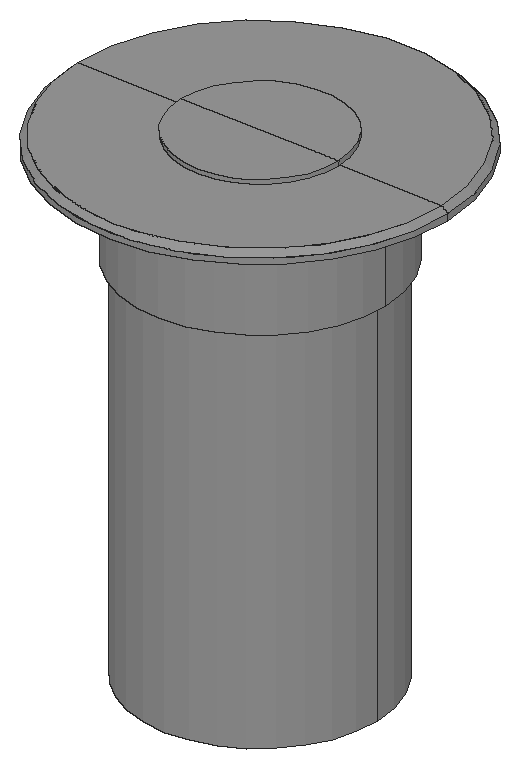
Revit family "Interrata", category Lighting Fixtures, host Face, Revit 2017
Family settings
  Host = Face
  Round Connector Dimension = Use Diameter
  Part Type = Normal
  OmniClass Number = 23.80.70.00
  OmniClass Title = Lighting
  Cut with Voids When Loaded = No
  Light Source = No
  Shared = No
  Room Calculation Point = No
Parameters (values of type "0049036")
  XS_SYL = yes
  Weight = ""
  Wattage Comments = ""
  WarrantyStartDate [instance] = "n/a"
  WarrantyGuarantorParts = "n/a"
  WarrantyDurationUnit = "n/a"
  WarrantyDurationParts = "n/a"
  WarrantyDescription = "n/a"
  Voltage = 0 V
  URL = "http://www.sylvania-lighting.com"
  TypeName = ""
  TypeLamp_SYL = Interrata Lamp : 0049036 INTERRATA XS  FROSTED 100LM 830 
  Type Image = <None>
  Type Comments = "n/a"
  Thickness_SYL = 2.5 mm  # constant formula
  Step2_SYL = if(XS_SYL, 99.8 mm, if(S_SYL, 121 mm, if(L_SYL, 236 mm, 206 mm)))  # 99.8 mm
  Step1_SYL = if(XS_SYL, 26.2 mm, if(S_SYL, 15 mm, if(L_SYL, 19.5 mm, 17.5 mm)))  # 26.2 mm
  SerialNumber [instance] = "n/a"
  S_SYL = no
  RotationAngle_SYL [instance] = 0.00°
  RingHeight_SYL = if(XS_SYL, 3 mm, if(S_SYL, 3 mm, if(L_SYL, 4 mm, 2.8 mm)))  # 3 mm
  RevolutionAxisFromRefLevel_SYL = if(XS_SYL, 27 mm, if(S_SYL, 45 mm, if(L_SYL, 74 mm, 59.5 mm)))  # 27 mm
  Radius_SYL = if(XS_SYL, 50 mm, if(S_SYL, 60 mm, if(L_SYL, 130 mm, 100 mm)))  # 50 mm
  Radius3_SYL = if(XS_SYL, 31.5 mm, if(S_SYL, 41.7 mm, if(L_SYL, 112 mm, 96 mm)))  # 31.5 mm
  Radius2_SYL = if(XS_SYL, 33.5 mm, if(S_SYL, 53 mm, if(L_SYL, 124 mm, 98 mm)))  # 33.5 mm
  Material_3_SYL = none
  PowerFactor = 0
  PowerConsumption = ""
  NominalLength = 0 mm
  NominalHeight = 0 mm
  NominalDepth = 0 mm
  Name = ""
  ModelReference = Name  # ""
  ModelNumber = ""
  Model = Name  # ""
  Material = ""
  ManufacturerName = "Feilo Sylvania"
  Manufacturer = "Feilo Sylvania"
  L_SYL = no
  LuminousEfficacy = ""
  LuminaireType = ""
  LightOutputRatio = ""
  LampsType = Lamp  # ""
  EndAngle_SYL [instance] = RotationAngle_SYL + 180.00°  # 180.00°
  BodyThickness_SYL = 3 mm  # constant formula
  BodyHeight3_SYL = if(XS_SYL, 80 mm, if(S_SYL, 45 mm, if(L_SYL, 21 mm, 29.4 mm)))  # 80 mm
  BodyRad_SYL = if(XS_SYL, 30 mm, if(S_SYL, 50 mm, if(L_SYL, 120 mm, 95 mm)))  # 30 mm
  LampNominalLuminous = ""
  LampMacAdamStep = ""
  BodyRad2_SYL = if(XS_SYL, 16.5 mm, if(S_SYL, 35.5 mm, if(L_SYL, 82.5 mm, 54.5 mm)))  # 16.5 mm
  BodyRad1_SYL = if(XS_SYL, 23.6 mm, if(S_SYL, 35.5 mm, if(L_SYL, 99.4 mm, 68.5 mm)))  # 23.6 mm
  BodyHeight4_SYL = if(XS_SYL, 5.5 mm, if(S_SYL, 45 mm, if(L_SYL, 82.2 mm, 66.6 mm)))  # 5.5 mm
  BodyHeight2_SYL = if(XS_SYL, 4.5 mm, if(S_SYL, 5.5 mm, if(L_SYL, 34 mm, 19.5 mm)))  # 4.5 mm
  BodyHeight1_SYL = if(XS_SYL, 4.5 mm, if(S_SYL, 4 mm, if(L_SYL, 14 mm, 9.5 mm)))  # 4.5 mm
  LampColourTemperature = ""
  LampColourRenderingIndex = ""
  Lamp = ""
  Keynote = "16500"
  InstallationDate [instance] = "n/a"
  InputVoltage = ""
  InputNominalFrequency = ""
  IngressProtection = ""
  ImpactProtectionIndex = ""
  IfcExportType = "IfcLightFixtureType"
  IfcExportAs = "IfcLightFixtureType"
  ElectricShockClassification = ""
  DocumentationLiterature = ""
  DimmingControlOptions = ""
  Material_2_SYL = Polycarbonate, Clear
  DiffuserRad_SYL = if(XS_SYL, 21 mm, if(S_SYL, 33 mm, if(L_SYL, 94 mm, 66 mm)))  # 21 mm
  Description = ""
  Default Elevation = 100 mm
  CreatedOn = ""
  CreatedBy = ""
  Cost = 0
  built-in parameter 1114216 [instance] = (empty or 0)
  ClassificationValue = "EF_70_80"
  ClassificationName = "Uniclass2015"
  Material_1_SYL = Stainless Steel
  Chamfer_SYL = 1.5 mm  # constant formula
  BarCode [instance] = "n/a"
  AssetType = ""
  AssetIdentifier [instance] = "n/a"
  Assembly Code = "D5020200"
  Apparent Load = 0 VA
  Material_4_SYL = none
Types (10, lengths in mm): name | XS_SYL | TypeLamp_SYL | Step2_SYL | Step1_SYL | S_SYL | RingHeight_SYL | RevolutionAxisFromRefLevel_SYL | Radius_SYL | Radius3_SYL | Radius2_SYL | L_SYL | BodyHeight3_SYL | BodyRad_SYL | BodyRad2_SYL | BodyRad1_SYL | BodyHeight4_SYL | BodyHeight2_SYL | BodyHeight1_SYL | DiffuserRad_SYL
  0049036 | yes | Interrata Lamp : 0049036 INTERRATA XS  FROSTED 100LM 830  | 99.8 | 26.2 | no | 3 | 27 | 50 | 31.5 | 33.5 | no | 80 | 30 | 16.5 | 23.6 | 5.5 | 4.5 | 4.5 | 21
  0049042 | no | Interrata Lamp : 0049042 INTERRATA ADJUSTABLE M  CL 1000LM 830 MB | 206 | 17.5 | no | 2.8 | 59.5 | 100 | 96 | 98 | no | 29.4 | 95 | 54.5 | 68.5 | 66.6 | 19.5 | 9.5 | 66
  0049043 | no | Interrata Lamp : 0049043 INTERRATA ADJUSTABLE M  CL 1000LM 840 MB | 206 | 17.5 | no | 2.8 | 59.5 | 100 | 96 | 98 | no | 29.4 | 95 | 54.5 | 68.5 | 66.6 | 19.5 | 9.5 | 66
  0049044 | no | Interrata Lamp : 0049044 INTERRATA ADJUSTABLE L  CL 2000LM 830 MB | 236 | 19.5 | no | 4 | 74 | 130 | 112 | 124 | yes | 21 | 120 | 82.5 | 99.4 | 82.2 | 34 | 14 | 94
  0049037 | yes | Interrata Lamp : 0049037 INTERRATA XS  FROSTED 100LM 840  | 99.8 | 26.2 | no | 3 | 27 | 50 | 31.5 | 33.5 | no | 80 | 30 | 16.5 | 23.6 | 5.5 | 4.5 | 4.5 | 21
  0049039 | yes | Interrata Lamp : 0049039 INTERRATA XS  CLEAR 100LM 840 NB | 99.8 | 26.2 | no | 3 | 27 | 50 | 31.5 | 33.5 | no | 80 | 30 | 16.5 | 23.6 | 5.5 | 4.5 | 4.5 | 21
  0049038 | yes | Interrata Lamp : 0049038 INTERRATA XS  CLEAR 100LM 830 NB | 99.8 | 26.2 | no | 3 | 27 | 50 | 31.5 | 33.5 | no | 80 | 30 | 16.5 | 23.6 | 5.5 | 4.5 | 4.5 | 21
  0049040 | no | Interrata Lamp : 0049040 INTERRATA ADJUSTABLE S  CL 400LM 830 MB | 121 | 15 | yes | 3 | 45 | 60 | 41.7 | 53 | no | 45 | 50 | 35.5 | 35.5 | 45 | 5.5 | 4 | 33
  0049041 | no | Interrata Lamp : 0049041 INTERRATA ADJUSTABLE S  CL 400LM 840 MB | 121 | 15 | yes | 3 | 45 | 60 | 41.7 | 53 | no | 45 | 50 | 35.5 | 35.5 | 45 | 5.5 | 4 | 33
  0049045 | no | Interrata Lamp : 0049045 INTERRATA ADJUSTABLE L  CL 2000LM 840 MB | 236 | 19.5 | no | 4 | 74 | 130 | 112 | 124 | yes | 21 | 120 | 82.5 | 99.4 | 82.2 | 34 | 14 | 94
Reference planes
  plane 1 "Center (Front/Back)": y = 0
  plane 2: z = 1.5
  plane 3 "Center (Left/Right)": x = 0
  plane 4: z = 3
  plane 5: x = -21
  plane 6: x = -48.5
  plane 7: x = -50
  plane 8: x = -33.5
  plane 9: z = 4
  plane 10: z = -26.2
  plane 11: z = -126
  plane 12: x = -31.5
  plane 13: x = -30
  plane 14: z = -4.5
  plane 15: z = -9
  plane 16: x = -31
  plane 17: z = -23.7
  plane 18: x = -29
  plane 19: z = -89
  plane 20: z = -94.5
  plane 21: x = -23.6
  plane 22: x = -16.5
  plane 23: x = -27
  plane 24: x = -20.6
  plane 25: x = -13.5
  plane 26: z = -91.5
  plane 27: z = -1.5
  plane 28: z = -27
Forms (mm)
  Revolve 1, solid, material "Stainless Steel" <- "Material_1_SYL"
    sketch origin (0, 0, 0) x (1, 0, 0) y (0, 0, 1)
      loop
        line (-21, 3) -> (-48.5, 3) -> (-50, 1.5) -> (-50, 0) -> (-33.5, 0) -> (-33.5, -26.2) -> (-31.5, -26.2) -> (-31.5, -126) -> (-29, -126) -> (-29, -23.7) -> (-31, -23.7) -> (-31, 0) -> (-21, 0) -> (-21, 3)
      axis (0, 3) -> (0, -126)
    angle from 360 to 0
  Revolve 2, void
    sketch origin (0, 0, 0) x (1, 0, 0) y (0, 0, 1)
      loop
        line (-33.5, 0) -> (-33.5, -126) -> (0, -126) -> (0, 0) -> (-33.5, 0)
      axis (0, 0) -> (0, -126)
    angle from 360 to 0
  Revolve 3, solid, material "Polycarbonate, Clear" <- "Material_2_SYL", detail levels medium+fine
    sketch origin (0, 0, 0) x (1, 0, 0) y (0, 0, 1)
      loop
        line (0, 4) -> (-21, 4) -> (-21, 1.5) -> (0, 1.5) -> (0, 4)
      axis (0, 4) -> (0, 1.5)
    angle from 360 to 0
  Revolve 4, solid, detail levels medium+fine
    sketch origin (0, 0, 0) x (1, 0, 0) y (0, 0, 1)
      loop
        line (-27, 0) -> (-30, 0) -> (-30, -4.5) -> (-23.6, -4.5) -> (-23.6, -9) -> (-16.5, -89) -> (-16.5, -94.5) -> (0, -94.5) -> (0, -91.5) -> (-13.5, -91.5) -> (-13.5, -88.322) -> (-20.6, -8.322) -> (-20.6, -1.5) -> (-27, -1.5) -> (-27, 0)
      axis (0, 0) -> (0, -94.5)
    angle from 360 to 0
  Revolve 5, solid
    sketch origin (-1524.19, -4572, -27) x (-1, 0, 0) y (0, -1, 0)
      loop
        line (-1524.19, -4572) -> (-1524.19, -4582) -> (-1514.19, -4582) -> (-1514.19, -4572) -> (-1524.19, -4572)
      axis (-1524.19, -4582) -> (-1524.19, -4572)
    angle from 0 <- "RotationAngle_SYL" to 180 <- "EndAngle_SYL"
Dimensions and locks
  "DiffuserRad_SYL": plane 3 "Center (Left/Right)" to plane 5
  "Radius_SYL": plane 3 "Center (Left/Right)" to plane 7
  "Chamfer_SYL": plane 6 to plane 7
  "Radius2_SYL": plane 3 "Center (Left/Right)" to plane 8
  locked: plane 9 to plane 4 at 1
  "RingHeight_SYL": plane 4 to level
  "Chamfer_SYL": plane 4 to plane 2
  "Step1_SYL": level to plane 10
  "Step2_SYL": plane 10 to plane 11
  "Radius3_SYL": plane 3 "Center (Left/Right)" to plane 12
  "BodyRad_SYL": plane 3 "Center (Left/Right)" to plane 13
  "BodyHeight1_SYL": level to plane 14
  "BodyHeight2_SYL": plane 14 to plane 15
  "Thickness_SYL": plane 16 to plane 8
  "Thickness_SYL": plane 17 to plane 10
  "Thickness_SYL": plane 18 to plane 12
  "BodyHeight3_SYL": plane 15 to plane 19
  "BodyHeight4_SYL": plane 19 to plane 20
  "BodyRad1_SYL": plane 3 "Center (Left/Right)" to plane 21
  "BodyRad2_SYL": plane 3 "Center (Left/Right)" to plane 22
  "BodyThickness_SYL": plane 26 to plane 20
  "BodyThickness_SYL": plane 25 to plane 22
  "BodyThickness_SYL": plane 24 to plane 21
  "BodyThickness_SYL": plane 23 to plane 13
  "BodyThickness_SYL": plane 27 to plane 14
  "RevolutionAxisFromRefLevel_SYL": level to plane 28
  aligned and locked: level to host face
  aligned and locked: Revolve 1 sketch curve to plane 4
  aligned and locked: plane 7 to Revolve 1 sketch curve
  aligned and locked: Revolve 1 sketch curve to level
  aligned and locked: plane 10 to Revolve 1 sketch curve
  aligned and locked: Revolve 1 sketch curve to plane 12
  aligned and locked: plane 5 to Revolve 1 sketch curve
  aligned and locked: Revolve 1 sketch curve to plane 3 "Center (Left/Right)"
  aligned and locked: Revolve 1 sketch curve to plane 11
  aligned and locked: Revolve 2 sketch curve to plane 3 "Center (Left/Right)"  (x2)
  aligned and locked: Revolve 3 sketch curve to plane 9
  aligned and locked: Revolve 3 sketch curve to plane 5
  aligned and locked: Revolve 3 sketch curve to plane 2
  aligned and locked: plane 3 "Center (Left/Right)" to Revolve 3 sketch curve
  aligned and locked: Revolve 3 sketch curve to plane 3 "Center (Left/Right)"
  aligned and locked: Revolve 1 sketch curve to plane 18
  aligned and locked: plane 17 to Revolve 1 sketch curve
  aligned and locked: Revolve 4 sketch curve to plane 3 "Center (Left/Right)"  (x2)
  aligned and locked: Revolve 4 sketch curve to plane 26
  aligned and locked: Revolve 4 sketch curve to plane 20
  aligned and locked: Revolve 4 sketch curve to plane 22
  aligned and locked: Revolve 4 sketch curve to plane 25
  aligned and locked: plane 15 to Revolve 4 sketch curve
  aligned and locked: plane 21 to Revolve 4 sketch curve
  aligned and locked: Revolve 1 sketch curve to plane 8
  aligned and locked: Revolve 1 sketch curve to plane 16
  aligned and locked: plane 8 to Revolve 2 sketch curve
  aligned and locked: Revolve 2 sketch curve to level
  aligned and locked: Revolve 2 sketch curve to plane 11
  aligned and locked: Revolve 5 sketch curve to plane 1 "Center (Front/Back)"
  aligned and locked: Revolve 5 sketch curve to plane 3 "Center (Left/Right)"  (x2)
Automatic sketch dimensions
  host sketch curve to host sketch curve = 632.037 mm  (x2)
  plane 11 to Revolve 3 sketch curve = 386.1 mm
  Revolve 3 sketch curve to Revolve 3 sketch curve = 2605.258 mm
  Revolve 4 sketch curve to level = 0 mm
  Revolve 4 sketch curve to plane 13 = 0 mm
  Revolve 4 sketch curve to plane 23 = 0 mm
  Revolve 4 sketch curve to plane 14 = 0 mm
  Revolve 4 sketch curve to plane 24 = 0 mm
  Revolve 4 sketch curve to plane 19 = 0 mm
  Revolve 4 sketch curve to plane 27 = 0 mm
  plane 19 to Revolve 4 sketch curve = 0.678 mm
  plane 15 to Revolve 4 sketch curve = 0.678 mm
  plane 11 to Revolve 4 sketch curve = 386.1 mm
  Revolve 4 sketch curve to plane 9 = 2605.258 mm
  Revolve 1 sketch curve to plane 6 = 0 mm
  Revolve 1 sketch curve to level = 0 mm
  Revolve 1 sketch curve to plane 2 = 0 mm
  plane 11 to Revolve 1 sketch curve = 386.1 mm
  Revolve 1 sketch curve to plane 9 = 2605.258 mm
  plane 11 to Revolve 2 sketch curve = 386.1 mm
  Revolve 2 sketch curve to plane 9 = 2605.258 mm
  Revolve 5 sketch curve to plane 3 "Center (Left/Right)" = 10 mm
  Revolve 5 sketch curve to plane 1 "Center (Front/Back)" = 10 mm
  Revolve 5 sketch curve to Revolve 5 sketch curve = 1514 mm
  Revolve 5 sketch curve to Revolve 5 sketch curve = 1524 mm
Nested families
  nested 1: "Interrata Lamp" at (0, 0, -27) x (0, -1, 0) z (0, 0, 1), type <- "TypeLamp_SYL", type "0049036 INTERRATA XS  FROSTED 100LM 830 "
    with built-in parameter 1114216 (empty or 0)
Connectors
  electrical at (0, 0, -126), driven by "Voltage", driven by "Apparent Load", driven by "PowerFactor"
    settings: on Revolve 1, index 1, voltage 0 V, apparent load 0 VA, apparent load phase1 0 VA, apparent load phase2 0 VA, apparent load phase3 0 VA, power factor 0, load classification "Other", number of poles 1, system type 30, power factor state 1, is connector primary yes, connector utility no, sub classification motor no, connector description ""
Definition of nested family "Interrata Lamp"
  Parameters (values of type "0049038 INTERRATA XS  CLEAR 100LM 830 NB")
    XS_SYL = yes
    Wattage Comments = "n/a"
    Wattage = 0 W
    built-in parameter 1150110 = 1 (stored number, unit not read)
    URL = "http://www.sylvania-lighting.com"
    Type Image = (empty or 0)
    Type Comments = "n/a"
    built-in parameter 1114217 = 1 (stored number, unit not read)
    Tilt Angle = -90.00°
    built-in parameter 1150109 = 1 (stored number, unit not read)
    built-in parameter 1150134 = (empty or 0)
    built-in parameter 1150113 = 1 (stored number, unit not read)
    S_SYL = no
    Rad_SYL = if(XS_SYL, 27.5 mm, if(S_SYL, 17 mm, if(L_SYL, 36 mm, 41 mm)))  # 27.5 mm
    Rad4_SYL = if(XS_SYL, 11 mm, if(S_SYL, 20 mm, if(L_SYL, 55 mm, 40 mm)))  # 11 mm
    Rad3_SYL = if(XS_SYL, 12.5 mm, if(S_SYL, 24 mm, if(L_SYL, 57 mm, 41 mm)))  # 12.5 mm
    Rad2_SYL = if(XS_SYL, 20.2 mm, if(S_SYL, 29 mm, if(L_SYL, 75 mm, 51.5 mm)))  # 20.2 mm
    Photometric Web File = ""
    built-in parameter 1150142 = (empty or 0)
    Material_3_SYL = none
    Model = "INTERRATA XS IP67 CLEAR 100LM 830 NB"
    Manufacturer = "Feilo Sylvania"
    built-in parameter 1150105 = (empty or 0)
    Lumens = 0 lm
    built-in parameter 1150115 = 1 (stored number, unit not read)
    built-in parameter 1150137 = (empty or 0)
    built-in parameter 1150139 = (empty or 0)
    built-in parameter 1150112 = 1 (stored number, unit not read)
    built-in parameter 1150114 = 1 (stored number, unit not read)
    Lamp = "LED"
    L_SYL = no
    Keynote = "16500"
    Material_2_SYL = none
    built-in parameter 1150132 = (empty or 0)
    built-in parameter 1150102 = (empty or 0)
    built-in parameter 1150107 = (empty or 0)
    built-in parameter 1150138 = (empty or 0)
    built-in parameter 1150106 = 1.0982 (stored number, unit not read)
    Height4_SYL = if(XS_SYL, 9.1 mm, if(S_SYL, 10 mm, if(L_SYL, 22 mm, 10.5 mm)))  # 9.1 mm
    Height3_SYL = if(XS_SYL, 4 mm, if(S_SYL, 8 mm, if(L_SYL, 8.7 mm, 6.7 mm)))  # 4 mm
    Height2_SYL = if(XS_SYL, 7.4 mm, if(S_SYL, 2 mm, if(L_SYL, 2 mm, 2 mm)))  # 7.4 mm
    Height1_SYL = if(XS_SYL, 6.5 mm, if(S_SYL, 8.3 mm, if(L_SYL, 19.5 mm, 18.3 mm)))  # 6.5 mm
    Emit from Circle Diameter = Rad_SYL * 2  # 55 mm
    Emit Shape Visible in Rendering = no
    built-in parameter 1150104 = (empty or 0)
    Dimming Lamp Color Temperature Shift = (empty or 0)
    Description = ""
    Default Elevation = 1219.2 mm
    Cost = 0
    Color Filter = 16777215
    built-in parameter 1114216 [instance] = (empty or 0)
    Material_1_SYL = none
    BottomFromRefLevel = if(XS_SYL, 0.1 mm, if(S_SYL, 4 mm, if(L_SYL, 7 mm, 0.1 mm)))  # 0.1 mm
    built-in parameter 1114218 = 1 (stored number, unit not read)
    built-in parameter 1150133 = 10 (stored number, unit not read)
    Assembly Code = "D5020200"
    Apparent Load = 0 VA
    Material_4_SYL = none
  Types (16, lengths in mm): name | XS_SYL | S_SYL | Rad_SYL | Rad4_SYL | Rad3_SYL | Rad2_SYL | Model | L_SYL | Height4_SYL | Height3_SYL | Height2_SYL | Height1_SYL | Emit from Circle Diameter | BottomFromRefLevel
    0049051 INTERRATA ADJUSTABLE L HONEYCOMB | no | no | 36 | 55 | 57 | 75 | "INTERRATA ADJUSTABLE L HONEYCOMB" | yes | 22 | 8.7 | 2 | 19.5 | 72 | 7
    0049050 INTERRATA ADJUSTABLE M HONEYCOMB | no | no | 41 | 40 | 41 | 51.5 | "INTERRATA ADJUSTABLE M HONEYCOMB" | no | 10.5 | 6.7 | 2 | 18.3 | 82 | 0.1
    0049049 INTERRATA ADJUSTABLE S HONEYCOMB | no | yes | 17 | 20 | 24 | 29 | "INTERRATA ADJUSTABLE S HONEYCOMB" | no | 10 | 8 | 2 | 8.3 | 34 | 4
    0049048 INTERRATA ADJUSTABLE L  FROSTED GLASS | no | no | 36 | 55 | 57 | 75 | "INTERRATA ADJUSTABLE L  FROSTED GLASS" | yes | 22 | 8.7 | 2 | 19.5 | 72 | 7
    0049047 INTERRATA ADJUSTABLE M FROSTED GLASS | no | no | 41 | 40 | 41 | 51.5 | "INTERRATA ADJUSTABLE M FROSTED GLASS" | no | 10.5 | 6.7 | 2 | 18.3 | 82 | 0.1
    0049046 INTERRATA ADJUSTABLE S FROSTED GLASS | no | yes | 17 | 20 | 24 | 29 | "INTERRATA ADJUSTABLE S FROSTED GLASS" | no | 10 | 8 | 2 | 8.3 | 34 | 4
    0049045 INTERRATA ADJUSTABLE L  CL 2000LM 840 MB | no | no | 36 | 55 | 57 | 75 | "INTERRATA ADJUSTABLE L IP67 CLEAR 2000LM 840 MB" | yes | 22 | 8.7 | 2 | 19.5 | 72 | 7
    0049044 INTERRATA ADJUSTABLE L  CL 2000LM 830 MB | no | no | 36 | 55 | 57 | 75 | "INTERRATA ADJUSTABLE L IP67 CLEAR 2000LM 830 MB" | yes | 22 | 8.7 | 2 | 19.5 | 72 | 7
    0049043 INTERRATA ADJUSTABLE M  CL 1000LM 840 MB | no | no | 41 | 40 | 41 | 51.5 | "INTERRATA ADJUSTABLE M IP67 CLEAR 1000LM 840 MB" | no | 10.5 | 6.7 | 2 | 18.3 | 82 | 0.1
    0049042 INTERRATA ADJUSTABLE M  CL 1000LM 830 MB | no | no | 41 | 40 | 41 | 51.5 | "INTERRATA ADJUSTABLE M IP67 CLEAR 1000LM 830 MB" | no | 10.5 | 6.7 | 2 | 18.3 | 82 | 0.1
    0049041 INTERRATA ADJUSTABLE S  CL 400LM 840 MB | no | yes | 17 | 20 | 24 | 29 | "INTERRATA ADJUSTABLE S IP67 CLEAR 400LM 840 MB" | no | 10 | 8 | 2 | 8.3 | 34 | 4
    0049040 INTERRATA ADJUSTABLE S  CL 400LM 830 MB | no | yes | 17 | 20 | 24 | 29 | "INTERRATA ADJUSTABLE S IP67 CLEAR 400LM 830 MB" | no | 10 | 8 | 2 | 8.3 | 34 | 4
    0049039 INTERRATA XS  CLEAR 100LM 840 NB | yes | no | 27.5 | 11 | 12.5 | 20.2 | "INTERRATA XS IP67 CLEAR 100LM 840 NB" | no | 9.1 | 4 | 7.4 | 6.5 | 55 | 0.1
    0049038 INTERRATA XS  CLEAR 100LM 830 NB | yes | no | 27.5 | 11 | 12.5 | 20.2 | "INTERRATA XS IP67 CLEAR 100LM 830 NB" | no | 9.1 | 4 | 7.4 | 6.5 | 55 | 0.1
    0049037 INTERRATA XS  FROSTED 100LM 840 | yes | no | 27.5 | 11 | 12.5 | 20.2 | "INTERRATA XS IP67 FROSTED 100LM 840" | no | 9.1 | 4 | 7.4 | 6.5 | 55 | 0.1
    0049036 INTERRATA XS  FROSTED 100LM 830 | yes | no | 27.5 | 11 | 12.5 | 20.2 | "INTERRATA XS IP67 FROSTED 100LM 830" | no | 9.1 | 4 | 7.4 | 6.5 | 55 | 0.1
  Reference planes
    plane 1 "Center (Front/Back)": y = 0
    plane 2: z = 0
    plane 3 "Center (Left/Right)": x = 0
    plane 4: z = -0.1
    plane 5: z = 9
    plane 6: z = 13
    plane 7: z = 20.4
    plane 8: z = 26.9
    plane 9: x = -11
    plane 10: x = -12.5
    plane 11: x = -20.2
    plane 12: x = -27.5
  Forms (mm)
    Extrusion 1, solid
      sketch origin (4.2, 0, 0) x (1, 0, 0) y (0, 1, 0)
        loop
          line (-43.406, 38.688) -> (-43.406, -41.283) -> (36.565, -41.283) -> (36.565, 38.688) -> (-43.406, 38.688)
      from 0 to -68.017
    Revolve 2, solid, material <- "Material_1_SYL"
      sketch origin (0, 0, 0) x (1, 0, 0) y (0, 0, 1)
        loop
          line (0, 26.9) -> (-27.5, 26.9) -> (-27.5, 20.4) -> (-20.2, 20.4) -> (-20.2, 13) -> (-12.5, 13) -> (-12.5, 9) -> (-11, 9) -> (-11, -0.1) -> (0, -0.1) -> (0, 26.9)
        axis (0, 26.9) -> (0, -0.1)
      angle from 360 to 0
  Dimensions and locks
    "BottomFromRefLevel": level to plane 4
    "Height4_SYL": plane 5 to plane 4
    "Height3_SYL": plane 6 to plane 5
    "Height2_SYL": plane 7 to plane 6
    "Height1_SYL": plane 8 to plane 7
    "Rad4_SYL": plane 3 "Center (Left/Right)" to plane 9
    "Rad3_SYL": plane 3 "Center (Left/Right)" to plane 10
    "Rad2_SYL": plane 3 "Center (Left/Right)" to plane 11
    "Rad_SYL": plane 3 "Center (Left/Right)" to plane 12
    aligned and locked: plane 2 to Extrusion 1
    aligned and locked: level to Extrusion 1
    aligned and locked: Revolve 2 sketch curve to plane 3 "Center (Left/Right)"
    aligned and locked: plane 8 to Revolve 2 sketch curve
    aligned and locked: Revolve 2 sketch curve to plane 12
    aligned and locked: Revolve 2 sketch curve to plane 7
    aligned and locked: Revolve 2 sketch curve to plane 11
    aligned and locked: Revolve 2 sketch curve to plane 6
    aligned and locked: Revolve 2 sketch curve to plane 10
    aligned and locked: Revolve 2 sketch curve to plane 9
    aligned and locked: Revolve 2 sketch curve to plane 5
    aligned and locked: Revolve 2 sketch curve to plane 4
    aligned and locked: plane 3 "Center (Left/Right)" to Revolve 2 sketch curve
    aligned and locked: plane 8 to imposter light
    aligned and locked: plane 3 "Center (Left/Right)" to imposter light
  Automatic sketch dimensions
    Revolve 2 sketch curve to level = 609.6 mm
    Revolve 2 sketch curve to Revolve 2 sketch curve = 2572.058 mm
    Extrusion 1 sketch curve to Extrusion 1 sketch curve = 79.971 mm  (x2)
